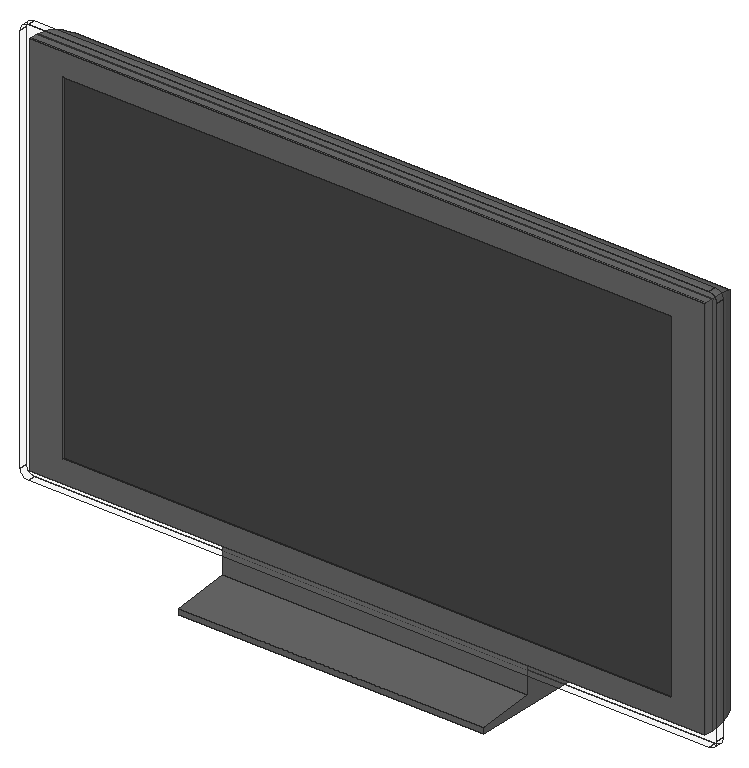
Revit family "e94715347d68428fbeb8332976f28e43", category Furniture, Revit 2021
Family settings
  Work Plane-Based = No
  Always vertical = Yes
  Cut with Voids When Loaded = No
  Shared = No
  Room Calculation Point = No
Parameters (values of type "50"")
  SinAng = (sin(29.36°) * 0.03937")  # 0.0193"
  Stand [instance] = yes
  L = (Diagonal / 0.03937") * CosAng  # 43.57782"
  H = (Diagonal / 0.03937") * SinAng  # 24.51477"
  Thickness = 4.33071"
  Diagonal = 50"
  Default Elevation = 0"
  CosAng = (cos(29.36°) * 0.03937")  # 0.03431"
Types (6): name | L | H | Diagonal
  (no name) | 43.57782" | 24.51477" | 50"
  32" | 27.79372" | 15.6354" | 31.88976"
  37" | 32.25445" | 18.14479" | 37.00787"
  42" | 36.71517" | 20.65418" | 42.12598"
  46" | 40.83276" | 22.97053" | 46.85039"
  50" | 43.57782" | 24.51477" | 50"
Reference planes (in)
  plane 1 "Back": y = 2.30467
  plane 2: z = 0
  plane 3 "Center (Left/Right)": x = -0.1553
  plane 4: x = -21.9442
  plane 5: x = 21.63361
  plane 6: z = 4.72441
  plane 7: z = 29.23918
  plane 8: z = 16.98179
  plane 9: y = -2.02604
  plane 10: x = -11.04975
  plane 11: x = 10.73916
Forms (in)
  Extrusion 1, solid, material "TV - Black"
    sketch origin (0, 2.30467, 0) x (1, 0, 0) y (0, 0, 1)
      loop
        line (-24.30641, 30.81398) -> (-24.30641, 3.14961) -> (23.99582, 3.14961) -> (23.99582, 30.81398) -> (-24.30641, 30.81398)
    from 0 to 4.33071
  Sweep 2, void
    path in 3D
      loop
        line (23.99582, -2.02604, 3.14961) -> (23.99582, -2.02604, 30.81398) -> (-24.30641, -2.02604, 30.81398) -> (-24.30641, -2.02604, 3.14961)
    profile origin (-24.30641, -2.02604, 16.98179) x (-1, 0, 0) y (0, -1, 0)
      loop
        arc (0, 0) -> (-1.26844, -3.06227) -> (-4.33071, -4.33071) r 4.33071
        line (-4.33071, -4.33071) -> (0, -4.33071) -> (0, 0)
  Extrusion 3, solid, material "TV - Glass"
    sketch origin (62.33472, -2.02604, 47.24409) x (1, 0, 0) y (0, 0, 1)
      loop
        arc (-86.83798, -15.64271) -> (-87.25556, -15.81568) -> (-87.42853, -16.23326) r 0.59055
        line (-87.42853, -16.23326) -> (-87.42853, -44.29134)
        arc (-87.42853, -44.29134) -> (-87.25556, -44.70892) -> (-86.83798, -44.88189) r 0.59055
        line (-86.83798, -44.88189) -> (-38.14205, -44.88189)
        arc (-38.14205, -44.88189) -> (-37.72447, -44.70892) -> (-37.5515, -44.29134) r 0.59055
        line (-37.5515, -44.29134) -> (-37.5515, -16.23326)
        arc (-37.5515, -16.23326) -> (-37.72447, -15.81568) -> (-38.14205, -15.64271) r 0.59055
        line (-38.14205, -15.64271) -> (-86.83798, -15.64271)
      loop
        line (-86.64112, -16.43011) -> (-86.64112, -44.09449) -> (-38.3389, -44.09449) -> (-38.3389, -16.43011) -> (-86.64112, -16.43011)
    from 0 to 0.59055
  Extrusion 4, solid, material "TV - Black"
    sketch origin (62.33472, -2.02604, 47.24409) x (1, 0, 0) y (0, 0, 1)
      loop
        line (-86.64112, -16.43011) -> (-86.64112, -44.09449) -> (-38.3389, -44.09449) -> (-38.3389, -16.43011) -> (-86.64112, -16.43011)
    from 0 to 0.70866
  Extrusion 5, void
    sketch origin (62.33472, -2.02604, 47.24409) x (-1, 0, 0) y (0, 0, 1)
      loop
        line (40.7011, -18.00491) -> (40.7011, -42.51969) -> (84.27892, -42.51969) -> (84.27892, -18.00491) -> (40.7011, -18.00491)
    from -0.59055 to -1.1811
  Extrusion 6, solid, material "TV - Black", visible <- "Stand"
    sketch origin (-11.04975, -60, -7.34856) x (0, 0, -1) y (0, -1, 0)
      loop
        line (-7.34856, -57.97396) -> (-10.49817, -57.97396) -> (-10.49817, -59.94247) -> (-7.34856, -61.91097) -> (-7.34856, -57.97396)
    from 0 to -21.78891
  Extrusion 7, solid, material "TV - Black", visible <- "Stand"
    sketch origin (-11.04975, -60, -7.34856) x (0, 0, -1) y (0, -1, 0)
      loop
        line (-7.34856, -54.03695) -> (-7.74226, -54.03695) -> (-8.13596, -57.97396) -> (-7.34856, -57.97396) -> (-7.34856, -54.03695)
    from 0 to -21.78891
Cuts and joins
  Sweep 2, Extrusion 5 cuts Extrusion 1
  Extrusion 5 cuts Extrusion 3
  Extrusion 5 cuts Extrusion 4
  joined: Extrusion 6, Extrusion 7
Lines and regions (in)
  sketch lines
    curve 1: line (-24.30641, -2.02604, 30.81398) -> (-24.30641, -2.02604, 3.14961)
    curve 2: line (23.99582, -2.02604, 30.81398) -> (-24.30641, -2.02604, 30.81398)
    curve 3: line (23.99582, -2.02604, 3.14961) -> (23.99582, -2.02604, 30.81398)
  model lines, detail levels medium+fine
    curve 4: line (-22.3379, -2.7347, 4.33071) -> (-23.12531, -2.7347, 4.33071)
    curve 5: line (-22.3379, -2.7347, 3.54331) -> (-22.3379, -2.7347, 4.33071)
    curve 6: line (-23.12531, -2.7347, 3.54331) -> (-22.3379, -2.7347, 3.54331)
    curve 7: line (-23.12531, -2.7347, 4.33071) -> (-23.12531, -2.7347, 3.54331)
Dimensions and locks (in)
  equal spacing: plane 7, plane 8, plane 6
  "H": plane 7 to plane 6
  equal spacing: plane 5, plane 3 "Center (Left/Right)", plane 4
  "L": plane 5 to plane 4
  locked: plane 4 to Extrusion 1 sketch curve at 2.3622
  locked: Extrusion 1 sketch curve to plane 5 at 2.3622
  locked: Extrusion 1 sketch curve to plane 7 at 1.5748
  locked: plane 6 to Extrusion 1 sketch curve at 1.5748
  "Thickness": plane 9 to plane 1 "Back"
  locked: Extrusion 3 sketch curve to plane 7 at 2.3622
  locked: plane 6 to Extrusion 3 sketch curve at 2.3622
  locked: plane 4 to Extrusion 3 sketch curve at 3.14961
  locked: Extrusion 3 sketch curve to plane 5 at 3.14961
  locked: plane 4 to Extrusion 4 sketch curve at 2.3622
  locked: Extrusion 4 sketch curve to plane 5 at 2.3622
  locked: Extrusion 4 sketch curve to plane 7 at 1.5748
  locked: plane 6 to Extrusion 4 sketch curve at 1.5748
  locked: Extrusion 3 sketch curve to plane 7 at 1.5748
  locked: plane 6 to Extrusion 3 sketch curve at 1.5748
  locked: plane 4 to Extrusion 3 sketch curve at 2.3622
  locked: Extrusion 3 sketch curve to plane 5 at 2.3622
  equal spacing: plane 3 "Center (Left/Right)", plane 10, plane 4
  equal spacing: plane 5, plane 11, plane 3 "Center (Left/Right)"
  locked: Extrusion 6 sketch curve to plane 6 at 1.5748
  locked: plane 9 to Extrusion 6 sketch curve at 3.93701
  locked: Extrusion 7 sketch curve to plane 2 at 0.3937
  locked: Extrusion 7 sketch curve to plane 2 at 0.7874
  "Thickness": radius of Sweep 2 sketch curve
  aligned and locked: plane 9 to Extrusion 1
  aligned and locked: profile plane to Sweep 2 sketch curve
  aligned and locked: Sweep 2 sketch curve to plane 1 "Back"
  aligned and locked: Extrusion 5 sketch curve to plane 5
  aligned and locked: Extrusion 5 sketch curve to plane 7
  aligned and locked: plane 4 to Extrusion 5 sketch curve
  aligned and locked: Extrusion 5 sketch curve to plane 6
  aligned and locked: Extrusion 6 sketch curve to plane 9
  aligned and locked: plane 2 to Extrusion 6 sketch curve
  aligned and locked: Extrusion 6 to plane 11
  aligned and locked: Extrusion 7 to plane 11
  aligned and locked: Extrusion 7 sketch curve to plane 2
Automatic sketch dimensions
  Sweep 2 sketch curve to profile plane = 0"  (x3)
  Sweep 2 sketch curve to Sweep 2 sketch curve = 0"
  Extrusion 3 sketch curve to Extrusion 3 sketch curve = 0.59055"  (x4)
  curve 6 to curve 6 = 0.7874"
  curve 6 to Extrusion 4 = 0.3937"
  curve 5 to curve 5 = 0.7874"
  curve 4 to Extrusion 4 = 1.1811"
  plane 1 "Back" to Extrusion 6 sketch curve = 2.3622"
  Extrusion 7 sketch curve to plane 9 = 0"
  plane 9 to Extrusion 7 sketch curve = 3.93701"
